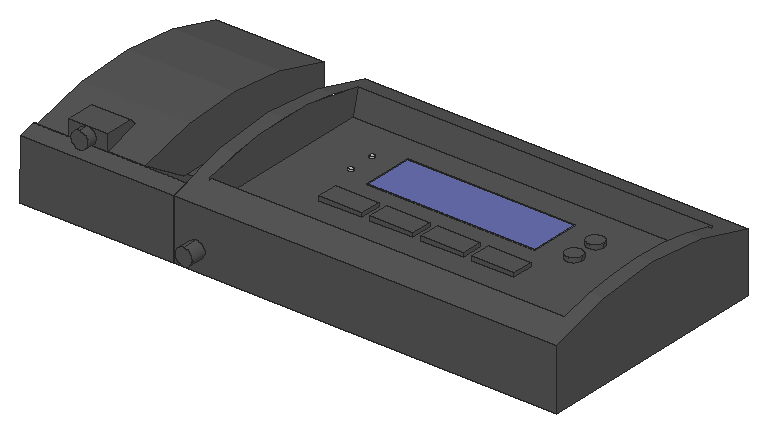
Revit family "Electronics_Wall-Stations_Biamp_Vocia_Emergency-Wall-Paging-Station_EWS-4_10__", category Communication Devices, host Face, Revit 2020 (continued)
Definition of nested family "Biamp_Vocia_Wall-Stations_Bracket"
  Automatic sketch dimensions
    curve 62 to curve 61 = 0' - 0.09"
    Extrusion 4 sketch curve to plane 4 = 0' - 0"
    Extrusion 4 sketch curve to plane 6 = 0' - 0.7"
    Extrusion 4 sketch curve to Extrusion 4 sketch curve = 0' - 2.28"  (x2)
    Extrusion 4 sketch curve to plane 6 = 0' - 0.08"
    Extrusion 4 sketch curve to Extrusion 4 sketch curve = 0' - 1"
    Extrusion 4 sketch curve to plane 6 = 0' - 0"
    Extrusion 4 sketch curve to plane 5 = 0' - 0"
    plane 7 to Extrusion 4 sketch curve = 0' - 0.86"
    Extrusion 4 sketch curve to Extrusion 4 sketch curve = 0' - 0.2"  (x3)
    plane 7 to Extrusion 4 sketch curve = 0' - 0.1"
    Extrusion 4 sketch curve to Extrusion 4 sketch curve = 0' - 0.64"
    Extrusion 4 sketch curve to plane 7 = 0' - 0"  (x2)
    Extrusion 4 sketch curve to Extrusion 4 sketch curve = 0' - 0.3"
    Extrusion 4 sketch curve to Extrusion 4 sketch curve = 0' - 0.59"
    Extrusion 4 sketch curve to Extrusion 4 sketch curve = 0' - 0.09"  (x13)
    plane 1 "Center (Front/Back)" to Extrusion 4 sketch curve = 0' - 0.41"
    plane 4 to Extrusion 4 sketch curve = 0' - 1.14"
    Extrusion 4 sketch curve to plane 1 "Center (Front/Back)" = 0' - 0.19373"
    plane 4 to Extrusion 4 sketch curve = 0' - 0.42007"
    plane 1 "Center (Front/Back)" to Extrusion 4 sketch curve = 0' - 0.03"  (x6)
    Extrusion 4 sketch curve to Extrusion 4 sketch curve = 0' - 0.09993"  (x24)
    plane 1 "Center (Front/Back)" to Extrusion 4 sketch curve = 0' - 0.03373"  (x6)
    Extrusion 4 sketch curve to plane 1 "Center (Front/Back)" = 0' - 0.18627"  (x6)
    Extrusion 4 sketch curve to Extrusion 4 sketch curve = 0' - 0.43007"
    Extrusion 4 sketch curve to Extrusion 4 sketch curve = 0' - 0.00373"  (x37)
    Extrusion 4 sketch curve to plane 1 "Center (Front/Back)" = 0' - 0.19"
    Extrusion 4 sketch curve to Extrusion 4 sketch curve = 0' - 0.52007"
    Extrusion 4 sketch curve to Extrusion 4 sketch curve = 0' - 0"  (x3)
    Extrusion 4 sketch curve to Extrusion 4 sketch curve = 0' - 0.96"
    Extrusion 4 sketch curve to Extrusion 4 sketch curve = 0' - 0.28"
    Extrusion 4 sketch curve to Extrusion 4 sketch curve = 0' - 0.38627"
    Extrusion 4 sketch curve to Extrusion 4 sketch curve = 0' - 0.21254"  (x7)
    Extrusion 4 sketch curve to plane 6 = 0' - 0.96986"  (x3)
    Extrusion 4 sketch curve to Extrusion 4 sketch curve = 0' - 0.11373"  (x4)
    Extrusion 4 sketch curve to Extrusion 4 sketch curve = 0' - 0.26"  (x9)
    Extrusion 4 sketch curve to plane 3 "Center (Left/Right)" = 0' - 0.28373"
    Extrusion 4 sketch curve to plane 3 "Center (Left/Right)" = 0' - 0.06373"  (x2)
    Extrusion 4 sketch curve to plane 3 "Center (Left/Right)" = 0' - 0.06"  (x2)
    Extrusion 4 sketch curve to plane 3 "Center (Left/Right)" = 0' - 0.05627"  (x2)
    Extrusion 4 sketch curve to plane 3 "Center (Left/Right)" = 0' - 0.17"  (x2)
    Extrusion 4 sketch curve to plane 6 = 0' - 0.77"  (x2)
    plane 3 "Center (Left/Right)" to Extrusion 4 sketch curve = 0' - 1.51627"
    Extrusion 4 sketch curve to Extrusion 4 sketch curve = 0' - 0.19986"  (x2)
    Extrusion 4 sketch curve to Extrusion 4 sketch curve = 0' - 1.57254"
    Extrusion 4 sketch curve to plane 5 = 0' - 0.63373"
    plane 1 "Center (Front/Back)" to Extrusion 4 sketch curve = 0' - 0.02627"
    Extrusion 4 sketch curve to plane 5 = 0' - 1.19021"
    Extrusion 4 sketch curve to Extrusion 4 sketch curve = 0' - 0.49986"  (x2)
    Extrusion 4 sketch curve to plane 3 "Center (Left/Right)" = 0' - 0.69021"
    Extrusion 4 sketch curve to Extrusion 4 sketch curve = 0' - 0.8"
    Extrusion 4 sketch curve to Extrusion 4 sketch curve = 0' - 1.18"
    plane 7 to Extrusion 4 sketch curve = 0' - 0.66"
    plane 1 "Center (Front/Back)" to Extrusion 4 sketch curve = 0' - 0.86"
    Extrusion 4 sketch curve to Extrusion 4 sketch curve = 0' - 0.76"
    Extrusion 4 sketch curve to Extrusion 4 sketch curve = 0' - 0.7"
    plane 7 to Extrusion 4 sketch curve = 0' - 0.36"
    Extrusion 4 sketch curve to Extrusion 4 sketch curve = 0' - 0.08"
    plane 7 to Extrusion 4 sketch curve = 0' - 0.51"  (x4)
    Extrusion 4 sketch curve to Extrusion 4 sketch curve = 0' - 0.02373"  (x4)
    plane 3 "Center (Left/Right)" to Extrusion 4 sketch curve = 0' - 1.63"
    Extrusion 4 sketch curve to Extrusion 4 sketch curve = 0' - 1.68627"
    Extrusion 4 sketch curve to plane 5 = 0' - 0.52"
    Extrusion 3 sketch curve to plane 5 = 0' - 0"
    Extrusion 3 sketch curve to plane 7 = 0' - 0"
    radius of Extrusion 4 sketch curve = 0' - 0.09"
Types (2): name | Product data url | EWS-4 | EWS-10 | Product Page URL | Product Documentation Link | Model | Description
  EWS-4 | "https://www.bimobject.com/biamp/product/vocia-ews-4_wall-station" | yes | no | "https://www.biamp.com/products/product-families/vocia/vocia-wall-stations#vocia-ews-4" | "https://downloads.biamp.com/assets/docs/default-source/data-sheets/biamp_data_sheet_vocia_ews-4_oct18.pdf" | "Vocia EWS-4" | "Vocia® EWS-4 Emergency Wall Paging Station"
  EWS-10 | "https://www.bimobject.com/biamp/product/vocia-ews-10_wall-station" | no | yes | "https://www.biamp.com/products/product-families/vocia/vocia-wall-stations#vocia-ews-10" | "https://downloads.biamp.com/assets/docs/default-source/data-sheets/biamp_data_sheet_vocia_ews-10_oct18.pdf" | "Vocia EWS-10" | "Vocia® EWS-10 Emergency Wall Paging Station"
